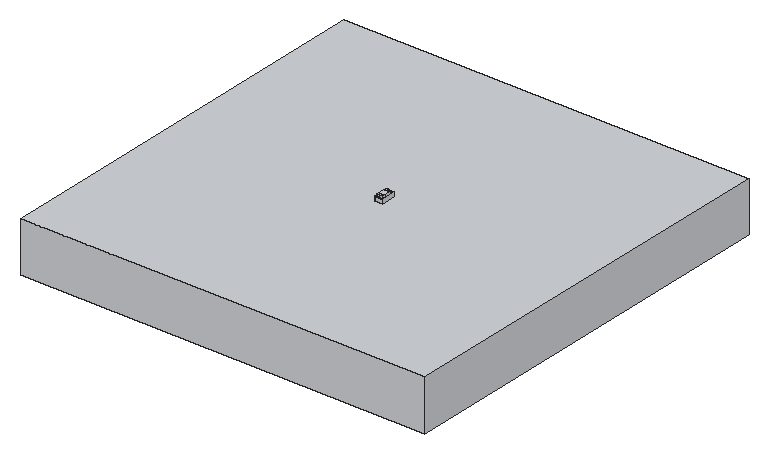
Revit family "Gira_086100", category Elektroinstallationen, Revit 2017
Family settings
  Basisbauteil = Fläche
  Beschriftungsausrichtung beibehalten = Nein
  Bemaßung runder Anschluss = Durchmesser verwenden
  Teiletyp = Normal
  Beim Laden mit Abzugskörper schneiden = Nein
  Gemeinsam genutzt = Nein
  Raumberechnungspunkt = Nein
Parameters (values of type "Trennrelais 2f REG Jalousie")
  Zentraleingang = no
  Default Elevation = 1219.2 mm
  URL = "https://www.gira.de/"
  Typname = "Trennrelais 2f REG Jalousie"
  Type Comments = ""
  Produktseite = "https://media.live.bim.site/t/eyJhbGciOiJIUzI1NiIsInR5cCI6IkpXVCJ9.eyJjdCI6MiwidHUiOiJodHRwOi8va2F0YWxvZy5naXJhLmRlL2RlX0RFL2RhdGVuYmxhdHQuaHRtbD9hcnRpa2VsbnI9MDg2MTAwIiwiY2lkIjoiZmVkOThlOWEtMWJkOC00YzY4LWE3M2ItNzRhOTRlMzE1ODIzIiwicmlkIjoiYTRkN2UzY2EwMTFkMTM2MmJkNDU4NTU5ZDEyNzVmNTUiLCJwaWQiOiI1NDUxNjgxZWU4OWJjYmUwNGJkMDFjOTdiZDg1NzczYWE2MzNiZGIxIiwic2lkIjoiNjM0NzAiLCJ1dCI6MSwibGMiOiJkZSIsImlhdCI6MTYwNjk3ODA1OSwiaXNzIjoiaHR0cHM6Ly9hcGkubGl2ZS5iaW0uc2l0ZSIsInN1YiI6IjhkM2FhNWNiLWUwNjYtNDU5OC1iZTE2LTZlMTZlZTc0OTU2YSJ9.zquSo-OyXekytQqWLeDPw7r3SxrnYDKRMCbC4qrieM8"
  Nebenstelleneingang = yes
  Montageart = "REG"
  Model = ""
  Cost = 0
  Ist Zubehör = no
  Ist System = no
  Hersteller = "Gira"
  HeinzeBIM = "https://www.heinze.de/bim/trennrelais-2f-reg-jalousie/5451681ee89bcbe04bd01c97bd85773aa633bdb1"
  HAN = "086100"
  GTIN = "4010337861003"
  Datenblatt 1 = "https://media.live.bim.site/t/eyJhbGciOiJIUzI1NiIsInR5cCI6IkpXVCJ9.eyJjdCI6MSwidGYiOiJwdWJsaWMvZ2lyYS8xMTljZWFmLzA4NjEwMC50eHQiLCJjaWQiOiJmZWQ5OGU5YS0xYmQ4LTRjNjgtYTczYi03NGE5NGUzMTU4MjMiLCJyaWQiOiJhNGQ3ZTNjYTAxMWQxMzYyYmQ0NTg1NTlkMTI3NWY1NSIsInBpZCI6IjU0NTE2ODFlZTg5YmNiZTA0YmQwMWM5N2JkODU3NzNhYTYzM2JkYjEiLCJzaWQiOiI2MzQ3MCIsInV0IjoxLCJsYyI6ImRlIiwiaWF0IjoxNjA2OTc4MDU5LCJpc3MiOiJodHRwczovL2FwaS5saXZlLmJpbS5zaXRlIiwic3ViIjoiOGQzYWE1Y2ItZTA2Ni00NTk4LWJlMTYtNmUxNmVlNzQ5NTZhIn0.QKdfYWCAM3ifbjgngmBLqt_w3NGnhmgLfvhVmmMrPx8/086100.txt"
  Datenblatt = "https://media.live.bim.site/t/eyJhbGciOiJIUzI1NiIsInR5cCI6IkpXVCJ9.eyJjdCI6MSwidHUiOiJodHRwczovL2thdGFsb2cuZ2lyYS5kZS9kZV9ERS9kb3dubG9hZC5odG1sP2FydGlrZWxucj0wODYxMDAiLCJjaWQiOiJmZWQ5OGU5YS0xYmQ4LTRjNjgtYTczYi03NGE5NGUzMTU4MjMiLCJyaWQiOiJhNGQ3ZTNjYTAxMWQxMzYyYmQ0NTg1NTlkMTI3NWY1NSIsInBpZCI6IjU0NTE2ODFlZTg5YmNiZTA0YmQwMWM5N2JkODU3NzNhYTYzM2JkYjEiLCJzaWQiOiI2MzQ3MCIsInV0IjoxLCJsYyI6ImRlIiwiaWF0IjoxNjA2OTc4MDU5LCJpc3MiOiJodHRwczovL2FwaS5saXZlLmJpbS5zaXRlIiwic3ViIjoiOGQzYWE1Y2ItZTA2Ni00NTk4LWJlMTYtNmUxNmVlNzQ5NTZhIn0.kajyW5fE2IAw5MbNtrtUjI-rDuiuY-MxfxMJQQ7FNVQ"
  Beschreibung = "Trennrelais 2fach  REG Merkmale:  Gleichzeitige Ansteuerung von mehreren Jalousieantrieben.  Je zwei Antriebe werden mit einem Trennrelais elektrisch entkoppelt.  Mit zwei Nebenstelleneingängen für die Einzelbedienung der Jalousien und einem Zentraleingang für Zentralfunktion, z. B. von einer Zeitschaltuhr oder zur Umsetzung von Zentralsteuerungen bei Aufteilung auf mehrere FI-Schutzschalter.  Hinweise :  Das Trennrelais REG wird auf einer Hutprofilschiene montiert."
  Assembly Code = ""
  Keynote = ""
  BIMSITE_PRODUCT_ID = "5451681ee89bcbe04bd01c97bd85773aa633bdb1"
  BIM = "https://media.live.bim.site/t/eyJhbGciOiJIUzI1NiIsInR5cCI6IkpXVCJ9.eyJjdCI6MSwidGYiOiJwdWJsaWMvZ2lyYS8xMTljZWFmLzA4NjEgMDBfUkVHIDIuNS5yZmEiLCJjaWQiOiJmZWQ5OGU5YS0xYmQ4LTRjNjgtYTczYi03NGE5NGUzMTU4MjMiLCJyaWQiOiJhNGQ3ZTNjYTAxMWQxMzYyYmQ0NTg1NTlkMTI3NWY1NSIsInBpZCI6IjU0NTE2ODFlZTg5YmNiZTA0YmQwMWM5N2JkODU3NzNhYTYzM2JkYjEiLCJzaWQiOiI2MzQ3MCIsInV0Ijo1LCJsYyI6ImRlIiwiaWF0IjoxNjA2OTc4MDU5LCJpc3MiOiJodHRwczovL2FwaS5saXZlLmJpbS5zaXRlIiwic3ViIjoiOGQzYWE1Y2ItZTA2Ni00NTk4LWJlMTYtNmUxNmVlNzQ5NTZhIn0.PAsbAg2faiKiq1ENRkunDeiptRa_CErxyKZ4ol-KQgw/0861 00_REG 2.5.rfa"
  Anzahl der anschließbaren Motoren = 2
Reference planes
  plane 1 "Center (Front/Back)": y = 0
  plane 2: z = 0
  plane 3 "Center (Left/Right)": x = 0
Forms (mm)
  Extrusion 1, solid
    sketch origin (0, 0, 0) x (1, 0, 0) y (0, 1, 0)
      loop
        line (-1219.2, 1219.2) -> (-1219.2, -1219.2) -> (1219.2, -1219.2) -> (1219.2, 1219.2) -> (-1219.2, 1219.2)
    from 0 to -304.8
  Extrusion 2, solid, detail levels fine
    sketch origin (24.975, 0, 0) x (0, 1, 0) y (0, 0, 1)
      loop
        line (43, 0) -> (43, 20.49) -> (43, 25) -> (41, 25) -> (41, 20.49) -> (30, 20.49) -> (-41, 20.49) -> (-41, 25) -> (-43, 25) -> (-43, 20.49) -> (-43, 0) -> (-41, 0) -> (-41, 18.5) -> (28.5, 18.5) -> (41, 18.5) -> (41, 0) -> (43, 0)
    from -47.45 to -2.5
  Extrusion 3, solid, detail levels medium
    sketch origin (24.975, 0, 0) x (0, 1, 0) y (0, 0, 1)
      loop
        line (43, 0) -> (43, 18.5) -> (30, 18.5) -> (-43, 18.5) -> (-43, 0) -> (43, 0)
    from -49.95 to 0
  Extrusion 4, solid, detail levels fine
    sketch origin (53.525, 0, 0) x (0, 1, 0) y (0, 0, -1)
      loop
        line (30, -25) -> (43, -25) -> (43, 0) -> (-43, 0) -> (-43, -25) -> (30, -25)
    from 76 to 78.5
  Extrusion 5, solid, detail levels fine
    sketch origin (-53.525, 0, 0) x (0, 1, 0) y (0, 0, 1)
      loop
        line (43, 0) -> (43, 25) -> (-30, 25) -> (-43, 25) -> (-43, 0) -> (43, 0)
    from 76 to 78.5
  Extrusion 6, solid, detail levels fine
    sketch origin (0, 3, 0) x (1, 0, 0) y (0, 1, 0)
      loop
        line (-17.975, 14) -> (-17.975, -20) -> (17.985, -20) -> (17.985, 14) -> (-17.975, 14)
    from 20.49 to 35
  Extrusion 7, solid, detail levels fine
    sketch origin (0, -5, 0) x (1, 0, 0) y (0, 1, 0)
      loop
        line (-12.475, 26) -> (12.475, 26) -> (12.475, 36) -> (0, 36) -> (-12.475, 36) -> (-12.475, 26)
    from 20.49 to 35
  Extrusion 8, solid, detail levels fine
    sketch origin (0, 5, 0) x (1, 0, 0) y (0, 1, 0)
      loop
        line (0, -36) -> (18.475, -36) -> (18.475, -26) -> (-18.475, -26) -> (-18.475, -36) -> (0, -36)
    from 20.49 to 35
  Extrusion 9, solid, detail levels medium
    sketch origin (0, 0, 0) x (1, 0, 0) y (0, 0, 1)
      loop
        line (-24.975, 0) -> (24.975, 0) -> (24.975, 25) -> (18.475, 25) -> (18.475, 35) -> (-18.475, 35) -> (-18.475, 25) -> (-19.975, 25) -> (-24.975, 25) -> (-24.975, 0)
    from -43 to 43
  Extrusion 10, solid, detail levels coarse
    sketch origin (0, 0, 0) x (1, 0, 0) y (0, 1, 0)
      loop
        line (-24.975, -43) -> (24.975, -43) -> (24.975, 43) -> (-24.975, 43) -> (-24.975, -43)
    from 0 to 35
Dimensions and locks
  aligned and locked: plane 2 to Extrusion 1
  aligned and locked: level to Extrusion 1
